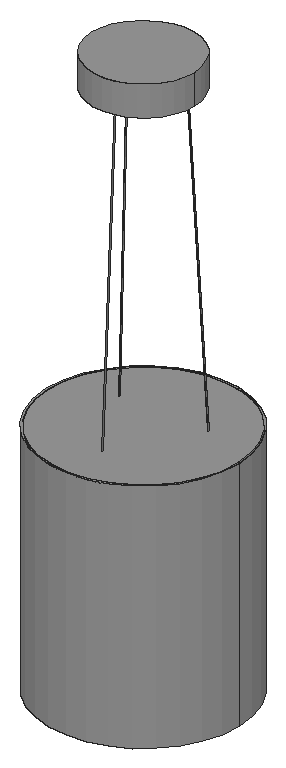
Revit family "Artemide_Tagora_Suspended_270", category Apparecchi per illuminazione, Revit 2018
Family settings
  Quota connettore circolare = Usa diametro
  Tipo di parte = Normale
  Basato su piano di lavoro = Sì
  Sempre verticale = Sì
  Taglio con vuoti quando caricato = No
  Sorgente d'illuminazione = Sì
  Condiviso = No
  Punto di calcolo locali = No
Parameters
  Wattage = 34 W
  built-in parameter 1150110 = 1 (stored number, unit not read)
  Voltage = "-"
  built-in parameter 1114217 = 1 (stored number, unit not read)
  Tilt Angle = 90.00°
  built-in parameter 1150109 = 1 (stored number, unit not read)
  built-in parameter 1150134 = (empty or 0)
  built-in parameter 1150113 = 1 (stored number, unit not read)
  Radius_InternalCylinder = Radius_ExternalCyilinder - 2 mm  # 133 mm
  Radius_ExternalCyilinder = 135 mm
  Product Range = "Tagora"
  File diagramma fotometrico = "M249821.IES"
  Max Height from ceiling = 2000 mm
  M_HousingCylinder = Artemide_Aluminum_Beige
  M_Housing = Artemide_Aluminum_White
  M_Fixings = Artemide_Aluminum_Anodized
  M_Diffuser = Artemide_Glass_LightBulb
  built-in parameter 1150105 = 130.17 (stored number, unit not read)
  Lumens = 1635.74 lm
  built-in parameter 1150115 = 1 (stored number, unit not read)
  built-in parameter 1150137 = (empty or 0)
  built-in parameter 1150139 = (empty or 0)
  built-in parameter 1150112 = 1 (stored number, unit not read)
  built-in parameter 1150114 = 1 (stored number, unit not read)
  built-in parameter 1150132 = (empty or 0)
  built-in parameter 1150102 = (empty or 0)
  built-in parameter 1150107 = 3000 (stored number, unit not read)
  built-in parameter 1150138 = (empty or 0)
  built-in parameter 1150106 = 1.3017 (stored number, unit not read)
  IfcExportType = "NOT DEFINED"  # constant formula
  IfcExportAs = "IfcLightFixtureType"  # constant formula
  Weekly = "-"
  Warranty ID = "https://cloud.artemide.com/5-years-warranty"
  Upward Component  = 0
  Unified Glare Rating  = "-"
  Uniclass 2015 = "Pr_70_70_48"  # constant formula
  URL to O&M Manual = "https://www.artemide.com/contents/documenti/prodotto/tagora_sospensione_270__instructions2513870.pdf"
  URL to Energy Technology List = "-"
  Total Power = 0
  Total Light Output  = 0
  Testing method = "-"
  Supply Phase = 0
  Suitable for Photocell Control = "-"
  Suitable for Motion Detector Control = "N"
  Suitable for Dimming  = "Y"
  Suitable Dimmer Type = "DALI"
  Standards = "-"
  Shipping Weight = 0
  Service life  = "-"
  Secondary Rated Lamp Life = 0
  Secondary Lamp Voltage = 0
  Secondary Lamp International Type Code = "-"
  Secondary Lamp Initial Lumens  = 0
  Secondary Lamp Included = "-"
  Secondary Lamp Efficacy = 0
  Secondary Lamp Colour Temperature = 0
  Secondary Lamp Colour Rendering Index = 0
  Secondary Lamp Cap = "-"
  Secondary Lamp = "-"
  Responsible Sourcing of Materials = "-"
  Responsible Extraction of Materials = "-"
  Rated Lamp Life = 50000
  Quarterly = "-"
  Product Model Number = "M249821"
  Product Literature = "https://www.artemide.com/en/subfamily/1650634/tagora-suspension-270"
  Primary Lamp Type = "LED"
  Power Supply Kit = "-"
  Power Factor = 0
  Photocell = "-"
  Overall Width = 0
  Overall Light Output Ratio = 0
  Overall Length = 270
  Overall Height = 330
  Output Lumens Indirect light = 0
  Output Lumens Direct light = 1636
  Number of Secondary Lamps = 0
  Number of Primary Lamps = 1
  Number of Poles = 0
  Motion Sensor = "-"
  Motion Detector = "-"
  Monthly = "-"
  Minimum Operating Temperature = 0
  Maximum Operating Temperature = 0
  Material Ingredient Reporting = "-"
  Manufacturer Website = "https://www.artemide.com"
  Produttore = "Artemide"
  Maintenance Required: 8001-12000hrs  = "-"
  Maintenance Required: 601-1000hrs = "-"
  Maintenance Required: 4001-8000hrs  = "-"
  Maintenance Required: 301-600hrs  = "-"
  Maintenance Required: 2001-4000hrs  = "-"
  Maintenance Required: 1001-2000hrs  = "-"
  Maintenance Required: 0-300hrs  = "-"
  Luminance at 65deg Angle = 0
  Luminaire Type = "Pendant"
  Luminaire Maintenance Factor = 0
  Luminaire Cleaning Interval  = "-"
  Louvre/Lens = "-"
  Location of Manufacturer = "-"
  Light Output Pattern = "-"
  Light Fixture Mounting Type = "Suspended"
  Life Cycle Analysis = "-"
  Lamp Survival Factor = "-"
  Lamp Replacement Interval = "-"
  Lamp Included = "Y"
  Lamp Cap = "LED Integrated"
  LED lifetime = 50000
  LED Maintained Colour Variation         = 0
  LED Initial Colour Variation                      = 0
  International Type Code = "-"
  Intended Market = "Unset"
  Integral Fuse or Circuit Protection  = "-"
  Integral Emergency Lighting Battery Type = "-"
  Input Lumens Indirect light = 0
  Input Lumens Direct light = 3798
  Initial Lumens = 1636
  Infills = "-"
  IP Rating = "IP20"
  IK Rating = "-"
  IES Files  = "https://www.artemide.com/product/downloadFile/1715930/ieseu/4887936"
  Housing Material = "Aluminium"
  Housing Finish  = "Painted"
  Housing Colour  = "Beige/White"
  Hazardous Area Protection Type = "-"
  Hazardous Area Category = "-"
  Gross Weight = 3.15
  Green Guide for Specification = "-"
  Frequency  = 0
  Fixings = "-"
  Fire Shroud = "-"
  Fire Rating Duration = 0
  Fire Rated Temperature = 0
  Fire Rated = "-"
  Features = "Any additional components/accessories included in this file are required to complete the product/configuration and must be ordered separately.Please check the catalogue/dedicated brochure for more information"
  Face Width = 0
  Face Shape = "Cylindrical"
  Face Length = 0
  External Control Line Voltage = 0
  Expected Life = "-"
  Environmental Product Declaration = "-"
  End Caps/Transition Caps/Joints = "-"
  Emit from Circle Diameter = 122.7 mm
  Rendi la forma visibile nel rendering = no
  Emergency light output percentage = 0
  Emergency Lighting Battery = "-"
  Emergency Charging Power       = 0
  Emergency = "N"
  Embodied Carbon  = 0
  Efficiency = 43
  built-in parameter 1150104 = 4.4696 (stored number, unit not read)
  Earth Point  = "-"
  ENEC Certification of European conformity = "N"
  Duration of Integral Emergency Lighting  = 0
  Drive Current                                          = 0
  Downward Component = 0
  Distance_LampFromCeilingMax [instance] = if(Distance_LampFromCeiling < Max Height from ceiling, Distance_LampFromCeiling, Max Height from ceiling)  # 469.5 mm
  Distance_LampFromCeiling [instance] = 469.5 mm
  Distance_HeightLamp = 329.5 mm
  Variazione temperatura colore lampada con luminosità attenuata = <Nessuno>
  Diffusing screen = "-"
  Designed by = "S./R. Cornelissen"
  Default Elevation = 1219.2 mm
  Daylight Sensor = "-"
  Daily = "-"
  Cut Out Width = 0
  Cut Out Length = 0
  Current  = 0
  Control Gear Type = "-"
  Control Gear Standby Power  = 0
  Control Gear Required = "-"
  Control Gear Location = "-"
  Column = "-"
  Colour Temperature = 3000
  Colour Rendering Index = 90
  Filtro dei colori = 16777215
  CE Approval = "Y"
  Bespoke Timeframe = "-"
  Beam Angle Transverse Axis  = 0.00°
  Beam Angle Longditudinal Axis  = 0.00°
  Basis of lifetime luminaire failures        = 0
  Basis of lifetime lumen depreciation   = 0
  built-in parameter 1114218 = 1 (stored number, unit not read)
  built-in parameter 1150133 = 10 (stored number, unit not read)
  Application Environment = "Internal"
  Annually = "-"
  Ambient Temperature                             = 0
  Air Handling = "-"
  Access Clearance Top = 0
  Access Clearance Right = 0
  Access Clearance Rear = 0
  Access Clearance Left = 0
  Access Clearance Front = 0
  Access Clearance Bottom = 0
  6 Monthly = "-"
Reference planes
  plane 1 "Center (Front/Back)": y = 0
  plane 2 "Top Fixings": z = 0
  plane 3 "Center (Left/Right)": x = 0
  plane 4 "Middle Internal Cone": z = -623.001
  plane 5 "Bottom Lamp": z = -799
  plane 6: z = -625.618
  plane 7 "Center L/W": z = -471.5
  plane 8 "Top Lamp": z = -469.5
  plane 9 "Center L/Z": z = -615.059
  plane 10: y = -48.98
  plane 11: y = -71.628
  plane 12 "Center L/AA": z = -42.161
Forms (mm)
  Extrusion 1, solid, material "Artemide_Aluminum_Beige" <- "M_HousingCylinder"
    sketch origin (0, 0, 0) x (1, 0, 0) y (0, 1, 0)
      loop
        circle (0, 0) r 135
      loop
        circle (0, 0) r 133
    from -799 to -469.5
  Extrusion 2, solid, material "Artemide_Aluminum_Beige" <- "M_HousingCylinder"
    sketch origin (0, 0, 0) x (1, 0, 0) y (0, 1, 0)
      loop
        circle (0, 0) r 133
    from -469.5 to -471.5
  Revolve 3, solid, material "Artemide_Glass_LightBulb" <- "M_Diffuser"
    sketch origin (0, 0, -187.401) x (1, 0, 0) y (0, 0, 1)
      loop
        line (-60.293, -435.6) -> (-60.293, -438.217) -> (0, -438.217) -> (0, -435.6) -> (-60.293, -435.6)
      axis (0, -435.6) -> (0, -438.217)
    angle from 0 to 360
  Revolve 4, solid, material "Artemide_Aluminum_White" <- "M_Housing"
    sketch origin (0, 0, -187.401) x (1, 0, 0) y (0, 0, 1)
      loop
        line (-60.293, -435.6) -> (-61.91, -435.6) -> (-133, -611.599) -> (-131.383, -611.599) -> (-60.293, -435.6)
      axis (0, -435.6) -> (0, -611.599)
    angle from 0 to 360
  Extrusion 5, solid, material "Artemide_Aluminum_Anodized" <- "M_Fixings"
    sketch origin (0, 0, 0) x (1, 0, 0) y (0, 1, 0)
      loop
        circle (0, 0) r 71.7
    from -42.161 to 0
  Sweep 6, solid, material "Artemide_Aluminum_Anodized" <- "M_Fixings"
    path origin (0, 0, 0) x (0, 1, 0) y (0, 0, 1)
      loop
        line (-48.98, -42.161) -> (-71.628, -469.5)
    profile origin (0, -60.304, -255.83) x (0, 0.998599, -0.052922) y (1, 0, 0)
      loop
        circle (0, 0) r 0.4
  Sweep 7, solid, material "Artemide_Aluminum_Anodized" <- "M_Fixings"
    path origin (0, 0, 0) x (-0.866025, -0.5, 0) y (0, 0, 1)
      loop
        line (-48.98, -42.161) -> (-71.628, -469.5)
    profile origin (52.225, 30.152, -255.83) x (-0.864812, -0.499299, -0.052922) y (-0.5, 0.866025, 0)
      loop
        circle (0, 0) r 0.4
  Sweep 8, solid, material "Artemide_Aluminum_Anodized" <- "M_Fixings"
    path origin (0, 0, 0) x (0.866025, -0.5, 0) y (0, 0, -1)
      loop
        line (-48.98, 42.161) -> (-71.628, 469.5)
    profile origin (-52.225, 30.152, -255.83) x (-0.864812, 0.499299, 0.052922) y (0.5, 0.866025, 0)
      loop
        circle (0, 0) r 0.4
Dimensions and locks
  locked: plane 8 "Top Lamp" to plane 7 "Center L/W" at 2
  "Distance_LampFromCeilingMax": plane 2 "Top Fixings" to plane 8 "Top Lamp"
  "Distance_HeightLamp": plane 8 "Top Lamp" to plane 5 "Bottom Lamp"
  locked: plane 1 "Center (Front/Back)" to plane 10 at 48.98
  locked: plane 10 to plane 11 at 22.648
  plane 9 "Center L/Z" to plane 4 "Middle Internal Cone" to plane 6 to plane 5 "Bottom Lamp" = 7.942 mm locked, 2.617 mm locked, 173.382 mm locked
  locked: plane 2 "Top Fixings" to plane 12 "Center L/AA" at 42.161
  "Radius_ExternalCyilinder": radius of Extrusion 1 sketch curve
  "Radius_InternalCylinder": radius of Extrusion 1 sketch curve
  "Radius_InternalCylinder": radius of Extrusion 2 sketch curve
  aligned and locked: level to plane 2 "Top Fixings"
  aligned and locked: plane 3 "Center (Left/Right)" to imposter light
  aligned and locked: imposter light to plane 1 "Center (Front/Back)"
  aligned and locked: plane 3 "Center (Left/Right)" to Extrusion 1 sketch curve  (x2)
  aligned and locked: plane 1 "Center (Front/Back)" to Extrusion 1 sketch curve  (x2)
  aligned and locked: plane 3 "Center (Left/Right)" to Extrusion 2 sketch curve
  aligned and locked: plane 1 "Center (Front/Back)" to Extrusion 2 sketch curve
  aligned and locked: plane 6 to Revolve 3 sketch curve
  aligned and locked: Revolve 3 sketch curve to plane 3 "Center (Left/Right)"
  aligned and locked: Revolve 4 sketch curve to plane 3 "Center (Left/Right)"
  aligned and locked: Extrusion 2 to plane 7 "Center L/W"
  aligned and locked: plane 8 "Top Lamp" to Extrusion 2
  aligned and locked: plane 8 "Top Lamp" to Extrusion 1
  aligned and locked: plane 3 "Center (Left/Right)" to Extrusion 5 sketch curve
  aligned and locked: plane 1 "Center (Front/Back)" to Extrusion 5 sketch curve
  aligned and locked: plane 2 "Top Fixings" to Extrusion 5
  aligned and locked: plane 9 "Center L/Z" to imposter light
  aligned and locked: plane 8 "Top Lamp" to Sweep 6 sketch curve
  aligned and locked: plane 11 to Sweep 6 sketch curve
  aligned and locked: plane 12 "Center L/AA" to Sweep 6 sketch curve
  aligned and locked: plane 10 to Sweep 6 sketch curve
  aligned and locked: Extrusion 5 to plane 12 "Center L/AA"
  aligned and locked: Extrusion 1 to plane 5 "Bottom Lamp"
  aligned and locked: Extrusion 1 to Revolve 4 sketch curve
  aligned and locked: Revolve 4 sketch curve to plane 4 "Middle Internal Cone"
  aligned and locked: Revolve 3 sketch curve to plane 4 "Middle Internal Cone"
Automatic sketch dimensions
  Sweep 6 sketch curve to plane 3 "Center (Left/Right)" = 0 mm
  Sweep 6 sketch curve to profile plane = 0 mm
  plane 8 "Top Lamp" to Sweep 7 sketch curve = 0 mm
  plane 12 "Center L/AA" to Sweep 7 sketch curve = 0 mm
  Sweep 7 sketch curve to Sweep 7 sketch curve = 22.648 mm
  profile plane to Sweep 7 sketch curve = 0 mm  (x2)
  plane 8 "Top Lamp" to Sweep 8 sketch curve = 0 mm
  plane 12 "Center L/AA" to Sweep 8 sketch curve = 0 mm
  Sweep 8 sketch curve to Sweep 8 sketch curve = 22.648 mm
  Sweep 8 sketch curve to profile plane = 0 mm
  profile plane to Sweep 8 sketch curve = 0 mm
  Revolve 4 sketch curve to plane 3 "Center (Left/Right)" = 60.293 mm
  Revolve 4 sketch curve to Revolve 4 sketch curve = 1.617 mm  (x2)
  Revolve 4 sketch curve to plane 3 "Center (Left/Right)" = 131.383 mm
  Revolve 4 sketch curve to plane 5 "Bottom Lamp" = 1210.919 mm
  level to Revolve 4 sketch curve = 2026.914 mm
  Revolve 3 sketch curve to plane 3 "Center (Left/Right)" = 0 mm
  Revolve 3 sketch curve to Revolve 3 sketch curve = 60.293 mm
  Revolve 3 sketch curve to plane 5 "Bottom Lamp" = 1210.919 mm
  level to Revolve 3 sketch curve = 2026.914 mm
  radius of Extrusion 5 sketch curve = 71.7 mm
  radius of Sweep 6 sketch curve = 0.4 mm
  radius of Sweep 7 sketch curve = 0.4 mm
  radius of Sweep 8 sketch curve = 0.4 mm
